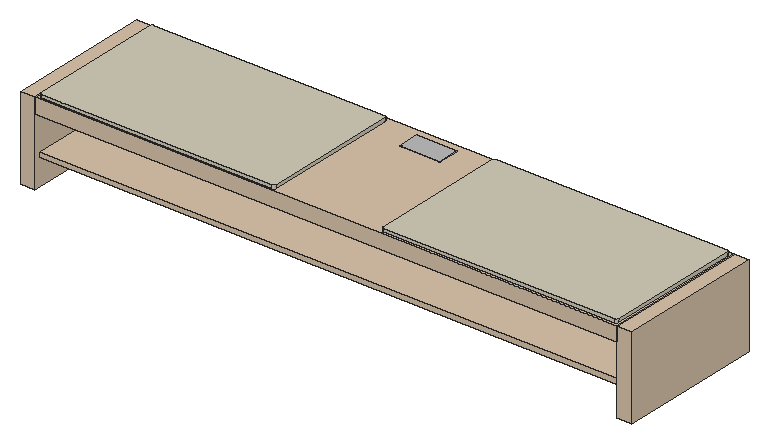
Revit family "Haworth_Patterns_Bench", category Furniture Systems, Revit 2018
Family settings
  Round Connector Dimension = Use Diameter
  Part Type = Normal
  OmniClass Number = 23.40.70.14.64.21
  OmniClass Title = Systems Furniture
  Work Plane-Based = No
  Always vertical = Yes
  Cut with Voids When Loaded = No
  Shared = No
  Room Calculation Point = No
Parameters (values of type "126w 30d")
  Width = 126"
  Warranty = "http://www.haworth.com/resources/product-info/warranties"
  URL - Product = "https://www.haworth.com/na/en/products/collaborative-conference/patterns.html"
  Sustainability Info = "http://www.haworth.com/company-info/sustainability"
  Shelf = yes
  Model = "Haworth - Patterns Bench"  # constant formula
  Flip Top Finish = Haworth _ Paint _ Metallic Champagne
  Flip Top = yes
  Description = "Haworth - Patterns Bench"  # constant formula
  Depth = 30"
  Custom Size = not(and(or(Width = 78", Width = 102", Width = 126"), or(Depth = 22", Depth = 30")))  # no
  Cushion Finish = Haworth _ Fabric _ Tellure _ Ivory 3A-35
  Cushion = yes
  Bench Finish = Haworth _ Wood _ White Oak
  Assembly Code = "E2020200"
  URL = "https://www.haworth.com/na/en.html"
  Size = "Verify Final Dim. w/ Haworth"  # constant formula
  Right Cushion Width = if(and(Flip Top, Actual Width < 96"), Actual Width - 25 1/2", if(and(Flip Top, not(Actual Width < 96")), Left Cushion Width, Actual Width - 7"))  # 48 1/2"
  Right Cushion = Cushion  # yes
  Revision Number = "3"  # constant formula
  Power Location = if(Actual Width < 96", 12 1/2", Actual Width / 2)  # 63"
  Min. Width = 78"  # constant formula
  Max. Width = 126"  # constant formula
  Min. Depth = 22"  # constant formula
  Max. Depth = 30"  # constant formula
  Manufacturer = "Haworth"  # constant formula
  Left Cushion Width = Actual Width / 2 - 3 1/2" - 11"  # 48 1/2"
  Left Cushion = and(Cushion, not(Actual Width < 96"), Flip Top)  # yes
  Cushion Depth = Actual Depth - 1"  # 29"
  Author = "SHAPE Environments, LLC"  # constant formula
  Actual Width = if(Width > Max. Width, Max. Width, if(Width < Min. Width, Min. Width, Width))  # 126"
  Actual Height = 17"  # constant formula
  Standard Width = "78, 102, 126 in."  # constant formula
  Standard Depths = "22, 30 in."  # constant formula
  Actual Depth = if(Depth > Max. Depth, Max. Depth, if(Depth < Min. Depth, Min. Depth, Depth))  # 30"
Types (6): name | Width | Depth | Cushion | Right Cushion Width | Right Cushion | Power Location | Left Cushion Width | Left Cushion | Cushion Depth | Actual Width | Actual Depth
  78w 22d | 78" | 22" | yes | 52 1/2" | yes | 12 1/2" | 24 1/2" | no | 21" | 78" | 22"
  78w 30d | 78" | 30" | yes | 52 1/2" | yes | 12 1/2" | 24 1/2" | no | 29" | 78" | 30"
  102w 22d | 102" | 22" | no | 36 1/2" | no | 51" | 36 1/2" | no | 21" | 102" | 22"
  126w 22d | 126" | 22" | yes | 48 1/2" | yes | 63" | 48 1/2" | yes | 21" | 126" | 22"
  126w 30d | 126" | 30" | yes | 48 1/2" | yes | 63" | 48 1/2" | yes | 29" | 126" | 30"
  102w 30d | 102" | 30" | yes | 36 1/2" | yes | 51" | 36 1/2" | yes | 29" | 102" | 30"
Reference planes (in)
  plane 1 "Bench Back": y = 0
  plane 2: z = 0
  plane 3 "Center L/R": x = 0
  plane 4 "Bench Front": y = -30
  plane 5 "Bench Left": x = -63
  plane 6 "Bench Right": x = 63
  plane 7 "Inside Left": x = -60
  plane 8 "Right inside": x = 60
  plane 9 "Bench Top": z = 17
  plane 10 "Underside Top": z = 14
  plane 11 "Bottom of Shelf": z = 5.5
  plane 12 "Beam Back": y = -14
  plane 13 "Bottom of Beam": z = 6.5
  plane 14 "Beam Front": y = -16
  plane 15 "Beam Center": y = -15
  plane 16 "Shelf Back": y = -1
  plane 17 "Shelf Front": y = -29
  plane 18 "Power Center L/R": x = 0
  plane 19 "Power Center F/B": y = -3.75
Forms (in)
  Extrusion 1, solid, material "Haworth _ Wood _ White Oak" <- "Bench Finish"
    sketch origin (0, 0, 0) x (1, 0, 0) y (0, 1, 0)
      loop
        line (-63, 0) -> (-63, -30) -> (-60, -30) -> (-60, 0) -> (-63, 0)
    from 0 to 17
  Extrusion 2, solid, material "Haworth _ Wood _ White Oak" <- "Bench Finish"
    sketch origin (0, 0, 0) x (-1, 0, 0) y (0, -1, 0)
      loop
        line (-63, 0) -> (-60, 0) -> (-60, 30) -> (-63, 30) -> (-63, 0)
    from 0 to 17
  Extrusion 3, solid, material "Haworth _ Wood _ White Oak" <- "Bench Finish"
    sketch origin (0, 0, 0) x (1, 0, 0) y (0, 1, 0)
      loop
        line (-60, -14) -> (-60, -16) -> (60, -16) -> (60, -14) -> (-60, -14)
    from 6.5 to 14
  Extrusion 4, solid, material "Haworth _ Wood _ White Oak" <- "Bench Finish", visible <- "Shelf"
    sketch origin (0, 0, 0) x (1, 0, 0) y (0, 1, 0)
      loop
        line (-60, -1) -> (-60, -29) -> (60, -29) -> (60, -1) -> (-60, -1)
    from 5.5 to 6.5
  Extrusion 5, solid, material "Haworth _ Wood _ White Oak" <- "Bench Finish"
    sketch origin (0, 0, 0) x (1, 0, 0) y (0, 1, 0)
      loop
        line (-60, 0) -> (-60, -30) -> (60, -30) -> (60, 0) -> (-60, 0)
    from 14 to 17
Lines and regions (in)
  Masking region 1
    outline origin (0, 0, 0) x (1, 0, 0) y (0, 1, 0)
      loop
        line (-63, 0) -> (-63, -30) -> (63, -30) -> (63, 0) -> (-63, 0)
  Masking region 2, visible <- "Right Cushion"
    outline origin (0, 0, 0) x (1, 0, 0) y (0, 1, 0)
      loop
        line (11, -1) -> (11, -29)
        arc (11, -29) -> (11.14645, -29.35355) -> (11.5, -29.5) r 0.5
        line (11.5, -29.5) -> (59, -29.5)
        arc (59, -29.5) -> (59.35355, -29.35355) -> (59.5, -29) r 0.5
        line (59.5, -29) -> (59.5, -1)
        arc (59.5, -1) -> (59.35355, -0.64645) -> (59, -0.5) r 0.5
        line (59, -0.5) -> (11.5, -0.5)
        arc (11.5, -0.5) -> (11.14645, -0.64645) -> (11, -1) r 0.5
  Masking region 3, visible <- "Left Cushion"
    outline origin (0, 0, 0) x (1, 0, 0) y (0, 1, 0)
      loop
        line (-11, -29) -> (-11, -1)
        arc (-11, -1) -> (-11.14645, -0.64645) -> (-11.5, -0.5) r 0.5
        line (-11.5, -0.5) -> (-59, -0.5)
        arc (-59, -0.5) -> (-59.35355, -0.64645) -> (-59.5, -1) r 0.5
        line (-59.5, -1) -> (-59.5, -29)
        arc (-59.5, -29) -> (-59.35355, -29.35355) -> (-59, -29.5) r 0.5
        line (-59, -29.5) -> (-11.5, -29.5)
        arc (-11.5, -29.5) -> (-11.14645, -29.35355) -> (-11, -29) r 0.5
  Masking region 4, visible <- "Flip Top"
    outline origin (0, 0, 0) x (1, 0, 0) y (0, 1, 0)
      loop
        line (-4.15625, -5.9375) -> (4.15625, -5.9375) -> (4.15625, -1.5625) -> (-4.15625, -1.5625) -> (-4.15625, -5.9375)
Dimensions and locks (in)
  "Actual Depth": plane 4 "Bench Front" to plane 1 "Bench Back"
  "Actual Width": plane 5 "Bench Left" to plane 6 "Bench Right"
  equal spacing: plane 5 "Bench Left", plane 3 "Center L/R", plane 6 "Bench Right"
  locked: plane 5 "Bench Left" to plane 7 "Inside Left" at 3
  locked: plane 8 "Right inside" to plane 6 "Bench Right" at 3
  locked: plane 9 "Bench Top" to plane 10 "Underside Top" at 3
  "Actual Height": plane 9 "Bench Top" to plane 2
  plane 14 "Beam Front" to plane 15 "Beam Center" to plane 12 "Beam Back" = 1" locked, 1" locked
  equal spacing: plane 4 "Bench Front", plane 15 "Beam Center", plane 1 "Bench Back"
  locked: plane 13 "Bottom of Beam" to plane 11 "Bottom of Shelf" at 1
  "Power Location": plane 5 "Bench Left" to plane 18 "Power Center L/R"
  locked: plane 16 "Shelf Back" to plane 1 "Bench Back" at 1
  locked: plane 17 "Shelf Front" to plane 4 "Bench Front" at 1
  locked: plane 19 "Power Center F/B" to plane 1 "Bench Back" at 3.75
  locked: plane 11 "Bottom of Shelf" to level at 5.5
  locked: plane 7 "Inside Left" to nested 3 at 0.5
  locked: nested 2 to plane 8 "Right inside" at 0.5
  nested 2 to nested 2 = 48 1/2"
  aligned and locked: plane 7 "Inside Left" to Extrusion 1 sketch curve
  aligned and locked: Extrusion 1 sketch curve to plane 5 "Bench Left"
  aligned and locked: plane 4 "Bench Front" to Extrusion 1 sketch curve
  aligned and locked: Extrusion 1 sketch curve to plane 1 "Bench Back"
  aligned and locked: plane 9 "Bench Top" to Extrusion 1
  aligned and locked: Extrusion 2 to level
  aligned and locked: Extrusion 2 to plane 9 "Bench Top"
  aligned and locked: plane 6 "Bench Right" to Extrusion 2
  aligned and locked: Extrusion 2 to plane 8 "Right inside"
  aligned and locked: Extrusion 2 to plane 4 "Bench Front"
  aligned and locked: Extrusion 2 to plane 1 "Bench Back"
  aligned and locked: Extrusion 3 sketch curve to plane 12 "Beam Back"
  aligned and locked: Extrusion 3 sketch curve to plane 14 "Beam Front"
  aligned and locked: Extrusion 3 sketch curve to plane 8 "Right inside"
  aligned and locked: Extrusion 3 sketch curve to plane 7 "Inside Left"
  aligned and locked: Extrusion 3 to plane 10 "Underside Top"
  aligned and locked: Extrusion 3 to plane 13 "Bottom of Beam"
  aligned and locked: Extrusion 4 sketch curve to plane 16 "Shelf Back"
  aligned and locked: Extrusion 4 sketch curve to plane 17 "Shelf Front"
  aligned and locked: Extrusion 4 sketch curve to plane 7 "Inside Left"
  aligned and locked: Extrusion 4 sketch curve to plane 8 "Right inside"
  aligned and locked: Extrusion 4 to plane 11 "Bottom of Shelf"
  aligned and locked: Extrusion 4 to plane 13 "Bottom of Beam"
  aligned and locked: plane 1 "Bench Back" to Extrusion 5 sketch curve
  aligned and locked: plane 4 "Bench Front" to Extrusion 5 sketch curve
  aligned and locked: Extrusion 5 sketch curve to plane 8 "Right inside"
  aligned and locked: Extrusion 5 sketch curve to plane 7 "Inside Left"
  aligned and locked: Extrusion 5 to plane 9 "Bench Top"
  aligned and locked: Extrusion 5 to plane 10 "Underside Top"
  aligned and locked: nested 1 to plane 18 "Power Center L/R"
  aligned and locked: plane 19 "Power Center F/B" to nested 1
  aligned: nested 2 to plane 8 "Right inside"
  aligned: nested 3 to plane 7 "Inside Left"
  aligned and locked: nested 3 to plane 15 "Beam Center"
  aligned and locked: plane 15 "Beam Center" to nested 2
  aligned and locked: Extrusion 2 to Masking region 1 sketch curve
  aligned and locked: Masking region 1 sketch curve to Extrusion 2
  aligned and locked: Masking region 2 sketch curve to nested 2  (x4)
  aligned and locked: Masking region 3 sketch curve to nested 3  (x4)
  aligned and locked: Masking region 4 sketch curve to nested 1  (x4)
  aligned and locked: Extrusion 1 to plane 2
Automatic sketch dimensions
  plane 4 "Bench Front" to Extrusion 2 sketch curve = 0"
  Extrusion 2 sketch curve to plane 6 "Bench Right" = 0"
  plane 8 "Right inside" to Extrusion 2 sketch curve = 0"
  plane 1 "Bench Back" to Extrusion 2 sketch curve = 0"
  Masking region 1 sketch curve to plane 5 "Bench Left" = 0"
  Masking region 1 sketch curve to plane 1 "Bench Back" = 0"
Nested families (in)
  nested 1: "Haworth_Flip_Top" at (-0.57037, -3.80249, 0), visible <- "Flip Top", type "Haworth-Flip Top"
    with Actual Height 17"
  nested 2: "Haworth_Cushion" at (35.25, -15, 0), Mounting Offset <- "Actual Height", visible <- "Right Cushion", type "Right"
    with Mounting Offset 17", Cushion Thickness 5/8", Actual Width 48 1/2", Actual Depth 29"
  nested 3: "Haworth_Cushion" at (-35.25, -15, 0), Mounting Offset <- "Actual Height", visible <- "Left Cushion", type "Left"
    with Mounting Offset 17", Cushion Thickness 5/8", Actual Width 48 1/2", Actual Depth 29"
Definition of nested family "Haworth_Flip_Top"
  Parameters
    Warranty = ""
    URL - Product = ""
    URL = ""
    Sustainability Info = ""
    Size = "Verify Final Dim. w/ Haworth"  # constant formula
    Single Sided = yes
    Single Sided Wide = no
    Revision Number = ""
    OmniClass Number = ""
    Material Options = ""
    Manufacturer = "Haworth"  # constant formula
    LEED Data = ""
    Flip Top Finish = none
    Double Sided = no
    Double Sided Wide = no
    Author = "SHAPE Environments, LLC"  # constant formula
    Actual Width = if(or(Double Sided Wide, Single Sided Wide), 11 1/4", 8 5/16")  # 8 5/16"
    Actual Height = 30"
    Actual Depth = if(or(Double Sided Wide, Double Sided), 8", 4 3/8")  # 4 3/8"
  Reference planes (in)
    plane 1 "Center F/B": y = 0.05249
    plane 2: z = 0
    plane 3 "Center L/R": x = 0.57037
    plane 4 "Back": y = 2.23999
    plane 5 "Right": x = 4.72662
    plane 6 "Front": y = -2.13501
    plane 7 "Left": x = -3.58588
    plane 8 "Table Height": z = 30
  Forms (in)
    Extrusion 1, solid, material <- "Flip Top Finish"
      sketch origin (0, 0, 30) x (-1, 0, 0) y (0, -1, 0)
        loop
          line (3.58588, -2.23999) -> (3.58588, 2.13501) -> (-4.72662, 2.13501) -> (-4.72662, -2.23999) -> (3.58588, -2.23999)
      from 0 to 0.125
    Extrusion 2, solid, material <- "Flip Top Finish"
      sketch origin (0, 0, 30) x (-1, 0, 0) y (0, -1, 0)
        loop
          line (3.46088, -2.05249) -> (3.46088, 1.94751) -> (-4.60162, 1.94751) -> (-4.60162, -2.05249) -> (3.46088, -2.05249)
      from 0 to -2.75
  Cuts and joins
    joined: Extrusion 1, Extrusion 2
  Dimensions and locks (in)
    equal spacing: plane 7 "Left", plane 3 "Center L/R", plane 5 "Right"
    "Actual Width": plane 7 "Left" to plane 5 "Right"
    equal spacing: plane 6 "Front", plane 1 "Center F/B", plane 4 "Back"
    "Actual Depth": plane 4 "Back" to plane 6 "Front"
    plane 7 "Left" to Extrusion 2 sketch curve = 1/8"
    plane 4 "Back" to Extrusion 2 sketch curve = 3/16"
    Extrusion 2 sketch curve to plane 5 "Right" = 1/8"
    Extrusion 2 sketch curve to plane 6 "Front" = 3/16"
    "Actual Height": plane 8 "Table Height" to level
    aligned and locked: plane 7 "Left" to Extrusion 1 sketch curve
    aligned and locked: Extrusion 1 sketch curve to plane 4 "Back"
    aligned and locked: plane 6 "Front" to Extrusion 1 sketch curve
    aligned and locked: Extrusion 1 sketch curve to plane 5 "Right"
Definition of nested family "Haworth_Cushion"
  Parameters
    Warranty = ""
    URL - Product = ""
    URL = "www.haworth.com"
    Cushion Thickness = 1 3/16"
    Sustainability Info = ""
    Size = "Verify Final Dim. w/ Haworth"  # constant formula
    Revision Number = "1"  # constant formula
    OmniClass Number = "23.40.70.14"  # constant formula
    Mounting Offset [instance] = 31"
    Min/Max Width = "30 or 36 in."  # constant formula
    Min/Max Depth = "18 or 24 in."  # constant formula
    Material Options = ""
    Manufacturer = "Haworth"  # constant formula
    LEED Data = ""
    Storage Top Finish = none
    Author = "SHAPE Environments, LLC"  # constant formula
    Assembly Code = "E2020200"
    Actual Width = 36"
    Actual Depth = 24"
  Reference planes (in)
    plane 1 "Storage Top Center F/B": y = 0
    plane 2: z = 0
    plane 3 "Storage Top Center L/R": x = 0
    plane 4 "Left": x = -18
    plane 5 "Back": y = 12
    plane 6 "Front": y = -12
    plane 7 "Right": x = 18
    plane 8 "Top": z = 32.1875
    plane 9 "Bottom": z = 31
  Forms (in)
    Extrusion 1, solid, material <- "Storage Top Finish"
      sketch origin (-36.03948, -180, 31) x (-1, 0, 0) y (0, -1, 0)
        loop
          arc (-18.53948, -192) -> (-18.18593, -191.85355) -> (-18.03948, -191.5) r 0.5
          line (-18.03948, -191.5) -> (-18.03948, -168.5)
          arc (-18.03948, -168.5) -> (-18.18593, -168.14645) -> (-18.53948, -168) r 0.5
          line (-18.53948, -168) -> (-53.53948, -168)
          arc (-53.53948, -168) -> (-53.89304, -168.14645) -> (-54.03948, -168.5) r 0.5
          line (-54.03948, -168.5) -> (-54.03948, -191.5)
          arc (-54.03948, -191.5) -> (-53.89304, -191.85355) -> (-53.53948, -192) r 0.5
          line (-53.53948, -192) -> (-18.53948, -192)
      from 0 to 1.1875
  Dimensions and locks (in)
    equal spacing: plane 5 "Back", plane 1 "Storage Top Center F/B", plane 6 "Front"
    "Actual Depth": plane 5 "Back" to plane 6 "Front"
    equal spacing: plane 4 "Left", plane 3 "Storage Top Center L/R", plane 7 "Right"
    "Actual Width": plane 4 "Left" to plane 7 "Right"
    "Mounting Offset": plane 9 "Bottom" to level
    "Cushion Thickness": plane 8 "Top" to plane 9 "Bottom"
    aligned and locked: plane 5 "Back" to Extrusion 1 sketch curve
    aligned and locked: plane 7 "Right" to Extrusion 1 sketch curve
    aligned and locked: plane 6 "Front" to Extrusion 1 sketch curve
    aligned and locked: plane 4 "Left" to Extrusion 1 sketch curve
    aligned and locked: plane 8 "Top" to Extrusion 1
    aligned and locked: Extrusion 1 to plane 5 "Back"
    aligned and locked: Extrusion 1 to plane 9 "Bottom"
  Automatic sketch dimensions
    plane 7 "Right" to Extrusion 1 sketch curve = 1/2"  (x2)
    plane 4 "Left" to Extrusion 1 sketch curve = 1/2"  (x2)
